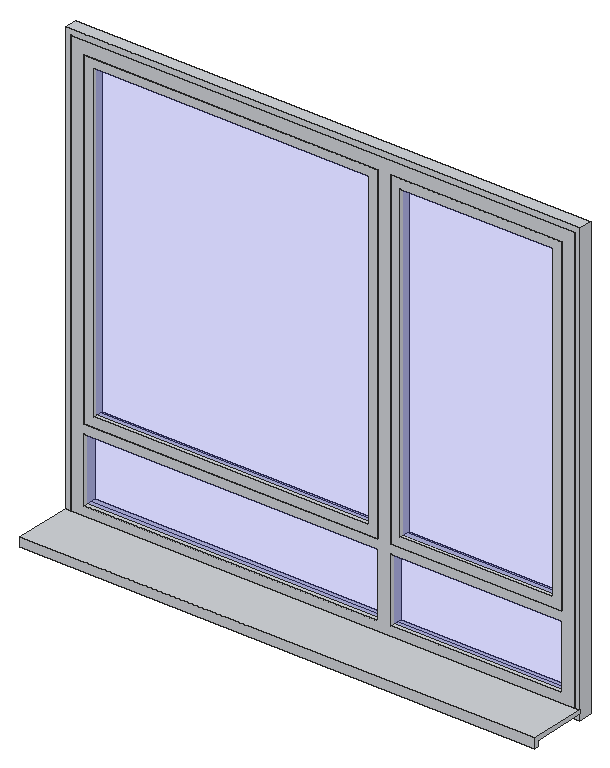
Revit family "AVLN_Окно_Фрамуга_2 створки", category Окна, Revit 2021
Family settings
  Основа = Стена
  Номер OmniClass = 23.30.20.00
  Заголовок OmniClass = Windows
  Всегда вертикально = Да
  При загрузке вырезать с полостями = Нет
  Общий = Нет
  Точка принадлежности помещению = Нет
Parameters (values of type "Для копирования!")
  Ширина рамы = 70 mm
  Ширина импоста = 50 mm
  Четверть слева/справа = 50 mm
  Четверть низ = 0 mm  # constant formula
  Четверть верх = 50 mm
  Створка_снизу_высота = 350 mm
  Створка_толщина = 25 mm  # constant formula
  Толщина основы [instance] = 200 mm
  Створка_справа_ширина = Width - ((Ширина рамы * 3) + (Монтажный зазор * 2) + Створка_слева_ширина)  # 930 mm
  Створка_слева_ширина = 1600 mm
  Створка_профиль = 50 mm
  Створка_высота = Height - (Створка_снизу_высота + (Ширина рамы * 2) + Ширина импоста + (Монтажный зазор * 2))  # 1800 mm
  Определить тепловые свойства по = Тип схем
  Model = ""
  Верх право открывание = АВЛН_Створка открывная : Створка откидная
  Верх лево открывание = АВЛН_Створка открывная : Створка откидная
  Rough Width = Width - Монтажный зазор * 2  # 2740 mm
  Rough Height = Height - Монтажный зазор * 2  # 2340 mm
  Подстановочный профиль_Ширина = 20 mm  # constant formula
  Подстановочный профиль_Толщина = 60 mm
  Подоконник_Толщина = 20 mm
  Подоконник_Длина = Width  # 2800 mm
  Подоконник_Глубина = 280 mm
  Подоконник = yes
  Низ право открывание = АВЛН_Створка открывная : Створка глухая
  Низ лево открывание = АВЛН_Створка открывная : Створка глухая
  Глубина вставки = 0 mm
  Отлив_Толщина = 1 mm  # constant formula
  Отлив_Длина = Width - [Четверть слева/справа] * 2  # 2700 mm
  Отлив_Глубина = 280 mm
  Отлив = no
  Откос_Н.Ширина = Width - 2 * [Четверть слева/справа]  # 2700 mm
  Откос_Н.Толщина.8 = 32 mm
  Откос_Н.Толщина.7 = 28 mm
  Откос_Н.Толщина.6 = 24 mm
  Откос_Н.Толщина.5 = 20 mm
  Откос_Н.Толщина.4 = 16 mm
  Откос_Н.Толщина.3 = 12 mm
  Откос_Н.Толщина.2 = 8 mm
  Откос_Н.Толщина.1 = 4 mm
  Откос_Н.Отступ_П = 0 mm  # constant formula
  Откос_Н.Отступ_Л = 0 mm  # constant formula
  Откос_Н.Количество слоев = 0
  Откос_Н.Глубина = 150 mm
  Откос_Н.Высота = Height - Четверть верх - Четверть низ  # 2350 mm
  Откос_В.Толщина.8 = 32 mm
  Откос_В.Толщина.7 = 28 mm
  Откос_В.Толщина.6 = 24 mm
  Откос_В.Толщина.5 = 20 mm
  Откос_В.Толщина.4 = 16 mm
  Откос_В.Толщина.3 = 12 mm
  Откос_В.Толщина.2 = 8 mm
  Откос_В.Толщина.1 = 4 mm
  Откос_В.Отступ_П [instance] = Монтажный зазор + Подоконник_Толщина  # 50 mm
  Откос_В.Отступ_Л [instance] = Монтажный зазор + Подоконник_Толщина  # 50 mm
  Откос_В.Количество слоев = 0
  Откос_В.Глубина [instance] = Толщина основы - Глубина вставки - Ширина рамы  # 130 mm
  Монтажный зазор = 30 mm
  М.Подоконник = none
  М.Отлив = none
  М.Откос_Н.8 = none
  М.Откос_Н.7 = none
  М.Откос_Н.6 = none
  М.Откос_Н.5 = none
  М.Откос_Н.4 = none
  М.Откос_Н.3 = none
  М.Откос_Н.2 = none
  М.Откос_Н.1 = ADSK_Полимеры_ Поливинилхлорид_(ПВХ) белый
  М.Откос_В.8 = none
  М.Откос_В.7 = none
  М.Откос_В.6 = none
  М.Откос_В.5 = none
  М.Откос_В.4 = none
  М.Откос_В.3 = none
  М.Откос_В.2 = none
  М.Откос_В.1 = ADSK_Полимеры_ Поливинилхлорид_(ПВХ) белый
  М.Монтажного зазора = none
  М.Стекла = Стекло
  М.Рамы = none
  М.Подоконный профиль = none
  Type Comments = ""
  Height = 2400 mm
  Высота подоконника по умолчанию = 800 mm
  Замыкание стены = По основе
  Width = 2800 mm
  Аналитическая конструкция = "<Нет>"
  АВЛН_Проем_Ширина [instance] = Width  # 2800 mm
  АВЛН_Проем_Высота [instance] = Height  # 2400 mm
  ADSK_Этаж [instance] = ""
  ADSK_Размер_Ширина = Width  # 2800 mm
  ADSK_Размер_Высота = Height  # 2400 mm
  ADSK_Примечание [instance] = ""
  ADSK_Площадь = Height * Width  # 6.72 m²
  ADSK_Обозначение = ""
  ADSK_Номер секции [instance] = ""
  ADSK_Наименование = ""
  ADSK_Марка = ""
  ADSK_Группирование = ""
  -----------Разрезка----------- = "-----------"  # constant formula
  -----------Профили----------- = "-----------"  # constant formula
  -----------Подоконник----------- = "-----------"  # constant formula
  -----------Отлив----------- = "-----------"  # constant formula
  -----------Откос----------- = "-----------"  # constant formula
  -----------Основные габариты----------- = "-----------"  # constant formula
  -----------Вставка----------- = "-----------"  # constant formula
Types (6, lengths in mm): name | Створка_справа_ширина | Створка_слева_ширина | Створка_высота | Model | Верх право открывание | Верх лево открывание | Rough Width | Rough Height | Подстановочный профиль_Толщина | Подоконник_Длина | Подоконник_Глубина | Подоконник | Отлив_Длина | Отлив_Глубина | Откос_Н.Ширина | Откос_Н.Высота | М.Отлив | М.Откос_Н.1 | М.Откос_В.1 | М.Стекла | М.Рамы | М.Подоконный профиль | Type Comments | Height | Width | АВЛН_Проем_Ширина | АВЛН_Проем_Высота | ADSK_Размер_Ширина | ADSK_Размер_Высота | ADSK_Площадь | ADSK_Обозначение | ADSK_Наименование | ADSK_Марка
  Для копирования! | 930 | 1600 | 1800 | "" | АВЛН_Створка открывная : Створка откидная | АВЛН_Створка открывная : Створка откидная | 2740 | 2340 | 60 | 2800 | 280 | yes | 2700 | 280 | 2700 | 2350 | none | ADSK_Полимеры_ Поливинилхлорид_(ПВХ) белый | ADSK_Полимеры_ Поливинилхлорид_(ПВХ) белый | Стекло | none | none | "" | 2400 | 2800 | 2800 | 2400 | 2800 | 2400 | 6.72 m² | "" | "" | ""
  2000х1800(h)_П_двух.створ. откр. | 700 | 1030 | 1200 | "" | АВЛН_Створка открывная : Створка повороно-откидная правая | АВЛН_Створка открывная : Створка поворотная левая | 1940 | 1740 | 50 | 2000 | 190 | no | 1900 | 200 | 1900 | 1750 | AVLN_Материал импоста_RAL 7024 | none | none | АВЛН_Остекление окон и дверей | AVLN_Материал импоста_RAL 7024 | AVLN_Материал импоста_RAL 7024 | "АР" | 1800 | 2000 | 2000 | 1800 | 2000 | 1800 | 3.60 m² | "ГОСТ 30674-99" | "БП Б1  1940-1740" | "ОК-6П"
  1600х1800(h)_Л | 895 | 435 | 1200 | "" | АВЛН_Створка открывная : Створка глухая | АВЛН_Створка открывная : Створка повороно-откидная левая | 1540 | 1740 | 50 | 1600 | 190 | no | 1500 | 200 | 1500 | 1750 | AVLN_Материал импоста_RAL 7024 | none | none | АВЛН_Остекление окон и дверей | AVLN_Материал импоста_RAL 7024 | AVLN_Материал импоста_RAL 7024 | "АР" | 1800 | 1600 | 1600 | 1800 | 1600 | 1800 | 2.88 m² | "ГОСТ 30674-99" | "" | "ОК-3"
  1600х1800(h) | 665 | 665 | 1200 | "Оконный блок" | АВЛН_Створка открывная : Створка глухая | АВЛН_Створка открывная : Створка повороно-откидная левая | 1540 | 1740 | 50 | 1600 | 190 | no | 1500 | 200 | 1500 | 1750 | AVLN_Материал импоста_RAL 7024 | none | none | AVLN_Остекление окон и дверей | AVLN_Материал импоста_RAL 7024 | AVLN_Материал импоста_RAL 7024 | "АР" | 1800 | 1600 | 1600 | 1800 | 1600 | 1800 | 2.88 m² | "ГОСТ 30674-99" | "" | "ОК-5"
  2000х1800(h)_П | 700 | 1030 | 1200 | "Оконный блок" | АВЛН_Створка открывная : Створка повороно-откидная правая | АВЛН_Створка открывная : Створка глухая | 1940 | 1740 | 50 | 2000 | 190 | no | 1900 | 200 | 1900 | 1750 | AVLN_Материал импоста_RAL 7024 | none | none | АВЛН_Остекление окон и дверей | AVLN_Материал импоста_RAL 7024 | AVLN_Материал импоста_RAL 7024 | "АР" | 1800 | 2000 | 2000 | 1800 | 2000 | 1800 | 3.60 m² | "ГОСТ 30674-99" | "БП Б1  1940-1740" | "ОК-4П"
  2000х1800(h)_Л | 1030 | 700 | 1200 | "Оконный блок" | АВЛН_Створка открывная : Створка глухая | АВЛН_Створка открывная : Створка повороно-откидная левая | 1940 | 1740 | 50 | 2000 | 190 | no | 1900 | 200 | 1900 | 1750 | AVLN_Материал импоста_RAL 7024 | none | none | АВЛН_Остекление окон и дверей | AVLN_Материал импоста_RAL 7024 | AVLN_Материал импоста_RAL 7024 | "АР" | 1800 | 2000 | 2000 | 1800 | 2000 | 1800 | 3.60 m² | "ГОСТ 30674-99" | "БП Б1  1940-1740" | "ОК-4Л"
Reference planes
  plane 1 "По центру (Вперед/Назад)": y = 0
  plane 2 "По центру (Влево/Вправо)": x = 0
  plane 3 "Слева": x = -1400
  plane 4 "Справа": x = 1400
  plane 5 "Подоконник": z = 800
  plane 6 "Заголовок": z = 3200
  plane 7 "Наружный": y = 100
  plane 8 "Внутренние": y = -100
  plane 9 "Окно": y = 100
  plane 10: x = 1370
  plane 11: z = 3170
  plane 12: x = -1370
  plane 13: z = 830
  plane 14: x = 1350
  plane 15: x = -1350
  plane 16: z = 2000
  plane 17: y = 600
  plane 18: y = -400
  plane 19: z = 3150
  plane 20 "Чет. низ": z = 800
  plane 21 "Внутряння грань": y = 30
  plane 22: y = 80
  plane 23 "Импост верх": z = 1300
  plane 24 "Импост низ": z = 1250
  plane 25: z = 900
  plane 26: z = 3100
  plane 27: x = -1300
  plane 28: x = 1300
  plane 29 "4": z = 1275
  plane 30 "5": x = 300
  plane 31 "6": x = 370
  plane 32 "9": x = 0
  plane 33 "10": x = 835
  plane 34 "11": x = -500
  plane 35 "12": z = 2200
  plane 36: z = 1075
Forms (mm)
  Extrusion 1, void
    sketch origin (0, 100, 0) x (1, 0, 0) y (0, 0, 1)
      loop
        line (1350, 3150) -> (-1350, 3150) -> (-1350, 800) -> (1350, 800) -> (1350, 3150)
    from -500 to 20
  Extrusion 2, void
    sketch origin (0, 100, 0) x (1, 0, 0) y (0, 0, 1)
      loop
        line (1400, 3200) -> (-1400, 3200) -> (-1400, 800) -> (1400, 800) -> (1400, 3200)
    from 0 to 500
  Extrusion 3, solid, material <- "М.Монтажного зазора", detail levels medium+fine
    sketch origin (0, 100, 0) x (1, 0, 0) y (0, 0, 1)
      loop
        line (1400, 3200) -> (-1400, 3200) -> (-1400, 800) -> (1400, 800) -> (1400, 3200)
      loop
        line (-1370, 3170) -> (-1370, 830) -> (1370, 830) -> (1370, 3170) -> (-1370, 3170)
    from 0 to 70
  Extrusion 4, solid, material <- "М.Рамы", detail levels medium+fine
    sketch origin (0, 100, 0) x (-1, 0, 0) y (0, 0, 1)
      loop
        line (-1370, 3170) -> (-1370, 830) -> (1370, 830) -> (1370, 3170) -> (-1370, 3170)
      loop
        line (-370, 900) -> (-370, 1250) -> (-1300, 1250) -> (-1300, 900) -> (-370, 900)
      loop
        line (-300, 3100) -> (-300, 1300) -> (1300, 1300) -> (1300, 3100) -> (-300, 3100)
      loop
        line (-300, 900) -> (1300, 900) -> (1300, 1250) -> (-300, 1250) -> (-300, 900)
      loop
        line (-370, 3100) -> (-1300, 3100) -> (-1300, 1300) -> (-370, 1300) -> (-370, 3100)
    from -70 to 0
Lines and regions (mm)
  reference lines
    curve 1: line (-1400, -100, 1275) -> (1400, -100, 1275)
    curve 2: line (335, -100, 3200) -> (335, -100, 800)
Text (mm)
  text "EXTERIOR" at (-1963.203, 1332.353, 0), in view "Опорный уровень"
  text "INTERIOR" at (-1981.466, -818.386, 0), in view "Опорный уровень"
  text "Наружный" at (0, 923.751, 2943.296), in view "Справа"
  text "Наружный" at (0, 1240.237, 2685.409), in view "Слева"
Dimensions and locks
  equal spacing: plane 3 "Слева", plane 2 "По центру (Влево/Вправо)", plane 4 "Справа"
  "Width": plane 3 "Слева" to plane 4 "Справа"
  "Height": plane 5 "Подоконник" to plane 6 "Заголовок"
  "Высота подоконника по умолчанию": plane 5 "Подоконник" to level
  locked: plane 7 "Наружный" to host wall
  locked: plane 8 "Внутренние" to host wall
  "Глубина вставки": plane 9 "Окно" to plane 7 "Наружный"
  "Монтажный зазор": plane 10 to plane 4 "Справа"
  "Монтажный зазор": plane 3 "Слева" to plane 12
  "Монтажный зазор": plane 11 to plane 6 "Заголовок"
  "Монтажный зазор": plane 5 "Подоконник" to plane 13
  "Четверть слева/справа": plane 14 to plane 4 "Справа"
  "Четверть слева/справа": plane 3 "Слева" to plane 15
  equal spacing: plane 5 "Подоконник", plane 16, plane 6 "Заголовок"
  locked: plane 7 "Наружный" to plane 17 at 500
  locked: plane 18 to plane 8 "Внутренние" at 300
  "Четверть верх": plane 19 to plane 6 "Заголовок"
  "Четверть низ": plane 5 "Подоконник" to plane 20 "Чет. низ"
  "Ширина рамы": plane 9 "Окно" to plane 21 "Внутряння грань"
  "Толщина основы": host wall to host wall
  locked: plane 22 to plane 21 "Внутряння грань" at 50
  "Ширина импоста": plane 24 "Импост низ" to plane 23 "Импост верх"
  "Ширина рамы": plane 28 to plane 10
  "Ширина рамы": plane 12 to plane 27
  "Ширина рамы": plane 13 to plane 25
  "Ширина рамы": plane 26 to plane 11
  plane 23 "Импост верх" to plane 26 = 1800 mm  (x2)
  "Створка_снизу_высота": plane 25 to plane 24 "Импост низ"
  equal spacing: plane 23 "Импост верх", plane 29 "4", plane 24 "Импост низ"
  "Створка_слева_ширина": plane 27 to plane 30 "5"
  "Ширина рамы": plane 30 "5" to plane 31 "6"
  equal spacing: plane 30 "5", curve 2, plane 31 "6"
  equal spacing: plane 31 "6", plane 33 "10", plane 28
  equal spacing: plane 27, plane 34 "11", plane 30 "5"
  equal spacing: plane 26, plane 35 "12", plane 23 "Импост верх"
  equal spacing: plane 24 "Импост низ", plane 36, plane 25
  plane 31 "6" to plane 28 = 930 mm
  plane 25 to plane 36 to plane 24 "Импост низ" = 175 mm, 175 mm
  aligned and locked: Extrusion 1 sketch curve to plane 14
  aligned and locked: Extrusion 1 sketch curve to plane 15
  aligned and locked: Extrusion 1 to plane 17
  aligned and locked: Extrusion 2 sketch curve to plane 6 "Заголовок"
  aligned and locked: Extrusion 2 sketch curve to plane 4 "Справа"
  aligned and locked: plane 5 "Подоконник" to Extrusion 2 sketch curve
  aligned and locked: plane 3 "Слева" to Extrusion 2 sketch curve
  aligned and locked: Extrusion 2 to plane 9 "Окно"
  aligned and locked: Extrusion 2 to plane 18
  aligned and locked: Extrusion 1 sketch curve to plane 19
  aligned and locked: plane 20 "Чет. низ" to Extrusion 1 sketch curve
  aligned and locked: plane 9 "Окно" to nested 1
  aligned and locked: plane 2 "По центру (Влево/Вправо)" to nested 1
  aligned and locked: nested 2 to plane 21 "Внутряння грань"
  aligned and locked: nested 2 to plane 2 "По центру (Влево/Вправо)"
  aligned and locked: nested 3 to plane 2 "По центру (Влево/Вправо)"
  aligned and locked: plane 8 "Внутренние" to nested 3
  aligned and locked: nested 4 to plane 9 "Окно"
  aligned and locked: Extrusion 3 sketch curve to plane 6 "Заголовок"
  aligned and locked: Extrusion 3 sketch curve to plane 4 "Справа"
  aligned and locked: Extrusion 3 sketch curve to nested 2  (x2)
  aligned and locked: Extrusion 3 sketch curve to plane 11
  aligned and locked: Extrusion 3 sketch curve to plane 12
  aligned and locked: Extrusion 3 sketch curve to plane 13
  aligned and locked: Extrusion 3 sketch curve to plane 10
  aligned and locked: Extrusion 3 to nested 2
  aligned and locked: plane 24 "Импост низ" to Extrusion 4 sketch curve
  aligned and locked: plane 23 "Импост верх" to Extrusion 4 sketch curve
  aligned and locked: Extrusion 4 sketch curve to Extrusion 4 sketch curve  (x2)
  aligned and locked: plane 27 to Extrusion 4 sketch curve
  aligned and locked: Extrusion 4 sketch curve to plane 12
  aligned and locked: Extrusion 4 sketch curve to plane 13
  aligned and locked: Extrusion 4 sketch curve to plane 26
  aligned and locked: Extrusion 4 sketch curve to plane 11
  aligned and locked: plane 20 "Чет. низ" to nested 4
  aligned and locked: nested 4 to plane 2 "По центру (Влево/Вправо)"
  aligned and locked: Extrusion 3 to plane 9 "Окно"
  aligned and locked: Extrusion 4 to plane 21 "Внутряння грань"
  aligned and locked: Extrusion 4 to plane 9 "Окно"
  aligned and locked: Extrusion 1 to plane 22
  aligned and locked: curve 1 to plane 29 "4"
  aligned and locked: plane 3 "Слева" to curve 1
  aligned and locked: plane 4 "Справа" to curve 1
  aligned and locked: Extrusion 4 sketch curve to plane 30 "5"
  aligned and locked: Extrusion 4 sketch curve to plane 10
  aligned and locked: plane 26 to Extrusion 4 sketch curve
  aligned and locked: Extrusion 4 sketch curve to plane 25
  aligned and locked: Extrusion 4 sketch curve to plane 28
  aligned and locked: Extrusion 4 sketch curve to plane 24 "Импост низ"
  aligned and locked: Extrusion 4 sketch curve to plane 23 "Импост верх"
  aligned and locked: Extrusion 4 sketch curve to plane 31 "6"  (x2)
  aligned and locked: plane 6 "Заголовок" to curve 2
  aligned and locked: plane 5 "Подоконник" to curve 2
  aligned and locked: Extrusion 4 to plane 31 "6"
  aligned and locked: plane 30 "5" to Extrusion 4
  aligned and locked: plane 28 to Extrusion 4
  aligned and locked: Extrusion 4 to plane 27
  aligned and locked: plane 32 "9" to nested 5
  aligned and locked: nested 5 to plane 16
  aligned and locked: plane 33 "10" to nested 6
  aligned and locked: nested 6 to plane 35 "12"
  aligned and locked: plane 34 "11" to nested 7
  aligned and locked: nested 7 to plane 35 "12"
  aligned and locked: plane 33 "10" to nested 8
  aligned and locked: nested 8 to plane 36
  aligned and locked: nested 9 to plane 36
  aligned and locked: plane 34 "11" to nested 9
Automatic sketch dimensions
  plane 28 to Extrusion 4 sketch curve = 0 mm
  Extrusion 4 sketch curve to plane 25 = 0 mm
Nested families
  nested 1: "Отлив" at (0, 100, 800) x (-1, 0, 0) z (0, 0, 1), Глубина отлива <- "Отлив_Глубина", Длина отлива <- "Отлив_Длина", ТО <- "Отлив_Толщина", Ш_МЗЗ <- "Монтажный зазор", Ш_ПП <- "Подстановочный профиль_Ширина", ADSK_Группирование <- "ADSK_Группирование", ADSK_Номер секции <- "ADSK_Номер секции", ADSK_Этаж <- "ADSK_Этаж", visible <- "Отлив", М <- "М.Отлив", type "Отлив", detail levels fine
    with Ш_ПП 20 mm, Ш_МЗЗ 30 mm, ТО 1 mm, М none, Длина отлива 2700 mm, Глубина отлива 280 mm, ADSK_Этаж "", ADSK_Примечание "", ADSK_Обозначение "", ADSK_Номер секции "", ADSK_Наименование "", ADSK_Марка "", ADSK_Группирование ""
  nested 2: "Подоконник" at (0, 30, 800), Глубина подоконника <- "Подоконник_Глубина", Длина отлива <- "Подоконник_Длина", ТП <- "Подоконник_Толщина", Ш_МЗЗ <- "Монтажный зазор", Ш_ПП <- "Подстановочный профиль_Ширина", ADSK_Группирование <- "ADSK_Группирование", ADSK_Номер секции <- "ADSK_Номер секции", ADSK_Этаж <- "ADSK_Этаж", visible <- "Подоконник", М <- "М.Подоконник", type "Подоконник", detail levels fine
    with Ш_ПП 20 mm, Ш_МЗЗ 30 mm, ТП 20 mm, М none, Длина отлива 2800 mm, Глубина подоконника 280 mm, ADSK_Этаж "", ADSK_Примечание "", ADSK_Обозначение "", ADSK_Номер секции "", ADSK_Наименование "", ADSK_Марка "", ADSK_Группирование ""
  nested 3: "AVLN_Откосы_R19" at (0, -100, 0), Глубина <- "Откос_В.Глубина", Высота от уровня <- "Высота подоконника по умолчанию", ADSK_Группирование <- "Type Comments", ADSK_Этаж <- "ADSK_Этаж", ADSK_Номер секции <- "ADSK_Номер секции", Материал_1 <- "М.Откос_В.1", Материал_2 <- "М.Откос_В.2", Материал_3 <- "М.Откос_В.3", Материал_4 <- "М.Откос_В.4", Материал_5 <- "М.Откос_В.5", Материал_6 <- "М.Откос_В.6", Материал_7 <- "М.Откос_В.7", Материал_8 <- "М.Откос_В.8", Толщина_1 <- "Откос_В.Толщина.1", Толщина_2 <- "Откос_В.Толщина.2", Толщина_3 <- "Откос_В.Толщина.3", Толщина_4 <- "Откос_В.Толщина.4", Толщина_5 <- "Откос_В.Толщина.5", Толщина_6 <- "Откос_В.Толщина.6", Толщина_7 <- "Откос_В.Толщина.7", Толщина_8 <- "Откос_В.Толщина.8", Количество слоев <- "Откос_В.Количество слоев", Отступ_Л <- "Откос_В.Отступ_Л", Отступ_П <- "Откос_В.Отступ_П", Высота <- "Height", Ширина <- "Width", type "AVLN_Откосы_R19"
    with Ширина_8 2576 mm, Ширина_7 2632 mm, Ширина_6 2680 mm, Ширина_5 2720 mm, Ширина_4 2752 mm, Ширина_3 2776 mm, Ширина_2 2792 mm, Ширина 2800 mm, Толщина_8 32 mm, Толщина_7 28 mm, Толщина_6 24 mm, Толщина_5 20 mm, Толщина_4 16 mm, Толщина_3 12 mm, Толщина_2 8 mm, Толщина_1 4 mm, Отступ_П 50 mm, Отступ_Л 50 mm, Материал_8 none, Материал_7 none, Материал_6 none, Материал_5 none, Материал_4 none, Материал_3 none, Материал_2 none, Материал_1 ADSK_Полимеры_ Поливинилхлорид_(ПВХ) белый, Количество слоев 0, Глубина 130 mm, Высота_8 2288 mm, Высота_7 2316 mm, Высота_6 2340 mm, Высота_5 2360 mm, Высота_4 2376 mm, Высота_3 2388 mm, Высота_2 2396 mm, Высота от уровня 800 mm, Высота 2400 mm, Видимость_8 no, Видимость_7 no, Видимость_6 no, Видимость_5 no, Видимость_4 no, Видимость_3 no, Видимость_2 no, Видимость_1 no, ADSK_Этаж "", ADSK_Номер секции "", ADSK_Группирование ""
  nested 4: "AVLN_Откосы_R19" at (0, 100, 0), Ширина <- "Откос_Н.Ширина", Глубина <- "Откос_Н.Глубина", Высота <- "Откос_Н.Высота", Высота от уровня <- "Высота подоконника по умолчанию", ADSK_Группирование <- "Type Comments", ADSK_Этаж <- "ADSK_Этаж", ADSK_Номер секции <- "ADSK_Номер секции", Материал_1 <- "М.Откос_Н.1", Материал_2 <- "М.Откос_Н.2", Материал_3 <- "М.Откос_Н.3", Материал_4 <- "М.Откос_Н.4", Материал_5 <- "М.Откос_Н.5", Материал_6 <- "М.Откос_Н.6", Материал_7 <- "М.Откос_Н.7", Материал_8 <- "М.Откос_Н.8", Толщина_1 <- "Откос_Н.Толщина.1", Толщина_2 <- "Откос_Н.Толщина.2", Толщина_3 <- "Откос_Н.Толщина.3", Толщина_4 <- "Откос_Н.Толщина.4", Толщина_5 <- "Откос_Н.Толщина.5", Толщина_6 <- "Откос_Н.Толщина.6", Толщина_7 <- "Откос_Н.Толщина.7", Толщина_8 <- "Откос_Н.Толщина.8", Количество слоев <- "Откос_Н.Количество слоев", Отступ_Л <- "Откос_Н.Отступ_Л", Отступ_П <- "Откос_Н.Отступ_П", type "AVLN_Откосы_R19"
    with Ширина_8 2476 mm, Ширина_7 2532 mm, Ширина_6 2580 mm, Ширина_5 2620 mm, Ширина_4 2652 mm, Ширина_3 2676 mm, Ширина_2 2692 mm, Ширина 2700 mm, Толщина_8 32 mm, Толщина_7 28 mm, Толщина_6 24 mm, Толщина_5 20 mm, Толщина_4 16 mm, Толщина_3 12 mm, Толщина_2 8 mm, Толщина_1 4 mm, Отступ_П 0 mm, Отступ_Л 0 mm, Материал_8 none, Материал_7 none, Материал_6 none, Материал_5 none, Материал_4 none, Материал_3 none, Материал_2 none, Материал_1 ADSK_Полимеры_ Поливинилхлорид_(ПВХ) белый, Количество слоев 0, Глубина 150 mm, Высота_8 2238 mm, Высота_7 2266 mm, Высота_6 2290 mm, Высота_5 2310 mm, Высота_4 2326 mm, Высота_3 2338 mm, Высота_2 2346 mm, Высота от уровня 800 mm, Высота 2350 mm, Видимость_8 no, Видимость_7 no, Видимость_6 no, Видимость_5 no, Видимость_4 no, Видимость_3 no, Видимость_2 no, Видимость_1 no, ADSK_Этаж "", ADSK_Номер секции "", ADSK_Группирование ""
  nested 5: "AVLN_Обозначение проема" at (0, 100, 2000) x (0, 0, -1) z (0, -1, 0), ADSK_Размер_Высота <- "АВЛН_Проем_Ширина", ADSK_Размер_Ширина <- "АВЛН_Проем_Высота", type "AVLN_Обозначение проема", detail levels coarse
    with ADSK_Размер_Ширина 2400 mm, ADSK_Размер_Высота 2800 mm
  nested 6: "АВЛН_Створка открывная" at (835, 30, 2200) x (-1, 0, 0) z (0, 1, 0), type <- "Верх право открывание", Створка высота <- "Створка_высота", Створка ширина <- "Створка_справа_ширина", Ширина рамы <- "Створка_профиль", Материал_Ручки <- "М.Рамы", Материал_Рама <- "М.Рамы", Материал_Стеклопакет <- "М.Стекла", type "Створка откидная", detail levels medium+fine
    with Ширина рамы 50 mm, Створка ширина 930 mm, Створка высота 1800 mm, Материал_Стеклопакет Стекло, Материал_Ручки none, Материал_Рама none
  nested 7: "АВЛН_Створка открывная" at (-500, 30, 2200) x (-1, 0, 0) z (0, 1, 0), type <- "Верх лево открывание", Створка высота <- "Створка_высота", Створка ширина <- "Створка_слева_ширина", Ширина рамы <- "Створка_профиль", Материал_Ручки <- "М.Рамы", Материал_Рама <- "М.Рамы", Материал_Стеклопакет <- "М.Стекла", type "Створка откидная", detail levels medium+fine
    with Ширина рамы 50 mm, Створка ширина 1600 mm, Створка высота 1800 mm, Материал_Стеклопакет Стекло, Материал_Ручки none, Материал_Рама none
  nested 8: "АВЛН_Створка открывная" at (835, 30, 1075) x (-1, 0, 0) z (0, 1, 0), type <- "Низ право открывание", Створка высота <- "Створка_снизу_высота", Створка ширина <- "Створка_справа_ширина", Ширина рамы <- "Створка_профиль", Материал_Ручки <- "М.Рамы", Материал_Рама <- "М.Рамы", Материал_Стеклопакет <- "М.Стекла", type "Створка глухая", detail levels medium+fine
    with Ширина рамы 50 mm, Створка ширина 930 mm, Створка высота 350 mm, Материал_Стеклопакет Стекло, Материал_Ручки none, Материал_Рама none
  nested 9: "АВЛН_Створка открывная" at (-500, 30, 1075) x (-1, 0, 0) z (0, 1, 0), Створка высота <- "Створка_снизу_высота", Створка ширина <- "Створка_слева_ширина", Ширина рамы <- "Створка_профиль", type <- "Низ лево открывание", Материал_Ручки <- "М.Рамы", Материал_Рама <- "М.Рамы", Материал_Стеклопакет <- "М.Стекла", type "Створка глухая", detail levels medium+fine
    with Ширина рамы 50 mm, Створка ширина 1600 mm, Створка высота 350 mm, Материал_Стеклопакет Стекло, Материал_Ручки none, Материал_Рама none
Definition of nested family "Отлив"
  Parameters (values of type "Отлив")
    Ш_ПП [instance] = 50 mm
    Ш_МЗЗ [instance] = 35 mm
    ТО [instance] = 1 mm
    Default Elevation = 1219.2 mm
    М [instance] = none
    Длина отлива [instance] = 1560 mm
    Глубина отлива [instance] = 280 mm
    ADSK_Этаж [instance] = ""
    ADSK_Примечание [instance] = ""
    ADSK_Обозначение [instance] = ""
    ADSK_Номер секции [instance] = ""
    ADSK_Наименование [instance] = ""
    ADSK_Марка [instance] = ""
    ADSK_Группирование [instance] = ""
  Reference planes
    plane 1 "По центру (Вперед/Назад)": y = 0
    plane 2: z = 0
    plane 3 "По центру (Влево/Вправо)": x = 0
    plane 4: y = -280
    plane 5: x = -780
    plane 6: x = 780
    plane 7: z = 35
    plane 8: z = 85
    plane 9: y = -1
    plane 10: y = -300
    plane 11: y = -301
    plane 12: z = -35
    plane 13: z = 34
  Forms (mm)
    Extrusion 1, solid, material <- "М"
      sketch origin (0, 0, 0) x (0, 1, 0) y (0, 0, 1)
        loop
          line (0, 85) -> (-1, 85) -> (-1, 34.893) -> (-301, 0.893) -> (-301, -35) -> (-300, -35) -> (-300, 0) -> (0, 34) -> (0, 85)
      from -780 to 780
  Dimensions and locks
    equal spacing: plane 5, plane 3 "По центру (Влево/Вправо)", plane 6
    "Длина отлива": plane 5 to plane 6
    "Глубина отлива": plane 4 to plane 1 "По центру (Вперед/Назад)"
    "Ш_МЗЗ": plane 7 to level
    "Ш_ПП": plane 8 to plane 7
    "ТО": plane 1 "По центру (Вперед/Назад)" to plane 9
    "ТО": plane 10 to plane 11
    locked: level to plane 12 at 35
    "ТО": plane 7 to plane 13
    "ТО": Extrusion 1 sketch curve to Extrusion 1 sketch curve
    locked: plane 4 to plane 10 at 20
    aligned and locked: level to plane 2
    aligned and locked: plane 8 to Extrusion 1 sketch curve
    aligned and locked: plane 9 to Extrusion 1 sketch curve
    aligned and locked: plane 11 to Extrusion 1 sketch curve
    aligned and locked: plane 12 to Extrusion 1 sketch curve
    aligned and locked: plane 1 "По центру (Вперед/Назад)" to Extrusion 1 sketch curve  (x2)
    aligned and locked: plane 13 to Extrusion 1 sketch curve
    aligned and locked: level to Extrusion 1 sketch curve
    aligned and locked: plane 10 to Extrusion 1 sketch curve
    aligned and locked: plane 6 to Extrusion 1
    aligned and locked: Extrusion 1 to plane 5
Definition of nested family "Подоконник"
  Parameters (values of type "Подоконник")
    Ш_ПП [instance] = 50 mm
    Ш_МЗЗ [instance] = 35 mm
    ТП [instance] = 20 mm
    Default Elevation = 1219.2 mm
    М [instance] = none
    Длина отлива [instance] = 1560 mm
    Глубина подоконника [instance] = 280 mm
    ADSK_Этаж [instance] = ""
    ADSK_Примечание [instance] = ""
    ADSK_Обозначение [instance] = ""
    ADSK_Номер секции [instance] = ""
    ADSK_Наименование [instance] = ""
    ADSK_Марка [instance] = ""
    ADSK_Группирование [instance] = ""
  Reference planes
    plane 1 "По центру (Вперед/Назад)": y = 0
    plane 2: z = 0
    plane 3 "По центру (Влево/Вправо)": x = 0
    plane 4: y = -280
    plane 5: x = -780
    plane 6: x = 780
    plane 7: z = 35
    plane 8: z = 85
    plane 9: y = -20
    plane 10: y = -290
    plane 11: y = -310
    plane 12: z = -35
    plane 13: z = 15
    plane 14: z = 65
  Forms (mm)
    Extrusion 1, solid, material <- "М"
      sketch origin (0, 0, 0) x (0, 1, 0) y (0, 0, 1)
        loop
          line (0, 85) -> (-310, 85) -> (-310, 0) -> (-290, 0) -> (-290, 65) -> (0, 65) -> (0, 85)
      from -780 to 780
  Dimensions and locks
    equal spacing: plane 5, plane 3 "По центру (Влево/Вправо)", plane 6
    "Длина отлива": plane 5 to plane 6
    "Глубина подоконника": plane 4 to plane 1 "По центру (Вперед/Назад)"
    "Ш_МЗЗ": plane 7 to level
    "Ш_ПП": plane 8 to plane 7
    "ТП": plane 1 "По центру (Вперед/Назад)" to plane 9
    "ТП": plane 10 to plane 11
    locked: level to plane 12 at 35
    "ТП": plane 7 to plane 13
    locked: plane 4 to plane 10 at 10
    "ТП": plane 8 to plane 14
    aligned and locked: level to plane 2
    aligned and locked: plane 8 to Extrusion 1 sketch curve
    aligned and locked: plane 1 "По центру (Вперед/Назад)" to Extrusion 1 sketch curve
    aligned and locked: plane 10 to Extrusion 1 sketch curve
    aligned and locked: plane 11 to Extrusion 1 sketch curve
    aligned and locked: level to Extrusion 1 sketch curve
    aligned and locked: plane 14 to Extrusion 1 sketch curve
    aligned and locked: Extrusion 1 to plane 5
    aligned and locked: plane 6 to Extrusion 1
Definition of nested family "АВЛН_Створка открывная"
  Parameters (values of type "Створка повороно-откидная правая")
    Ширина рамы [instance] = 50 mm
    Width = 1600 mm
    Створка ширина [instance] = 800 mm
    Створка высота [instance] = 700 mm
    Define Thermal Properties by = 1
    Материал_Стеклопакет [instance] = none
    Поворотная Правая = yes
    Поворотная Левая = no
    Default Elevation = 1219.2 mm
    Открываная = yes
    Откидная = yes
    Материал_Ручки [instance] = none
    Материал_Рама [instance] = none
    Левая = yes
    Глухое = no
    Height = 1800 mm
    Analytic Construction = "<Нет>"
  Types (6, lengths in mm): name | Поворотная Правая | Поворотная Левая | Открываная | Откидная | Глухое
    Створка повороно-откидная правая | yes | no | yes | yes | no
    Створка повороно-откидная левая | no | yes | yes | yes | no
    Створка глухая | no | no | no | no | yes
    Створка откидная | no | no | yes | yes | no
    Створка поворотная правая | yes | no | yes | no | no
    Створка поворотная левая | no | yes | yes | no | no
  Reference planes
    plane 1 "По центру (Вперед/Назад)": y = 0
    plane 2 "Внутрення грань": z = 0
    plane 3 "По центру (Влево/Вправо)": x = 0
    plane 4: y = 350
    plane 5: x = 400
    plane 6: y = -350
    plane 7: x = -400
    plane 8 "Наружняя грань": z = 60.433
    plane 9 "По центру Л/Р": z = 30.216
  Forms (mm)
    Extrusion 1, solid
      sketch origin (0, 0, 0) x (1, 0, 0) y (0, 1, 0)
        loop
          line (-1219.2, 1219.2) -> (-1219.2, -1219.2) -> (1219.2, -1219.2) -> (1219.2, 1219.2) -> (-1219.2, 1219.2)
      from 0 to -304.8
    Sweep 2, solid, material <- "Материал_Рама", visible <- "Открываная"
      path origin (0, 0, 0) x (1, 0, 0) y (0, 1, 0)
        loop
          line (400, 350) -> (-400, 350) -> (-400, -350) -> (400, -350) -> (400, 350)
      profile origin (0, 350, 0) x (0, -1, 0) y (0, 0, 1)
        loop
          line (0, 0) -> (50, 0) -> (50, 60.433) -> (0, 60.433) -> (0, 0)
    Extrusion 3, solid, material <- "Материал_Стеклопакет", visible <- "Открываная"
      sketch origin (0, 0, 0) x (1, 0, 0) y (0, 1, 0)
        loop
          line (-350, 300) -> (-350, -300) -> (350, -300) -> (350, 300) -> (-350, 300)
      from 17.481 to 42.952
    Extrusion 4, solid, material <- "Материал_Стеклопакет", visible <- "Глухое"
      sketch origin (0, 0, 0) x (1, 0, 0) y (0, 1, 0)
        loop
          line (-400, 350) -> (-400, -350) -> (400, -350) -> (400, 350) -> (-400, 350)
      from 17.481 to 42.952
  Lines and regions (mm)
    model lines, visible <- "Глухое", detail levels medium+fine
      curve 1: line (0, 50, 60.433) -> (0, -50, 60.433)
      curve 2: line (50, 0, 60.433) -> (-50, 0, 60.433)
      curve 17: line (0, 50, 0) -> (0, -50, 0)
      curve 18: line (50, 0, 0) -> (-50, 0, 0)
    model lines, visible <- "Глухое", not visible, detail levels medium+fine
      curve 3: line (60, 38.001, 60.433) -> (60, -61.999, 60.433)
      curve 4: line (110, -11.999, 60.433) -> (10, -11.999, 60.433)
    model lines, visible <- "Поворотная Левая", detail levels medium+fine
      curve 5: line (400, 350, 0) -> (-400, 0, 0)
      curve 6: line (400, -350, 0) -> (-400, 0, 0)
      curve 13: line (400, 350, 60.433) -> (-400, 0, 60.433)
      curve 14: line (400, -350, 60.433) -> (-400, 0, 60.433)
    model lines, visible <- "Откидная", detail levels medium+fine
      curve 7: line (-400, -350, 0) -> (0, 350, 0)
      curve 8: line (0, 350, 0) -> (400, -350, 0)
      curve 15: line (-400, -350, 60.433) -> (0, 350, 60.433)
      curve 16: line (0, 350, 60.433) -> (400, -350, 60.433)
    model lines, visible <- "Поворотная Правая", detail levels medium+fine
      curve 9: line (-400, 350, 0) -> (400, 0, 0)
      curve 10: line (-400, -350, 0) -> (400, 0, 0)
      curve 11: line (-400, 350, 60.433) -> (400, 0, 60.433)
      curve 12: line (-400, -350, 60.433) -> (400, 0, 60.433)
  Dimensions and locks
    "Створка высота": plane 4 to plane 6
    "Створка ширина": plane 7 to plane 5
    equal spacing: plane 7, plane 3 "По центру (Влево/Вправо)", plane 5
    equal spacing: plane 6, plane 1 "По центру (Вперед/Назад)", plane 4
    plane 2 "Внутрення грань" to plane 8 "Наружняя грань" = 60.433 mm
    level to Extrusion 4 = 42.952 mm
    plane 8 "Наружняя грань" to level = 60.433 mm
    equal spacing: Extrusion 3, plane 9 "По центру Л/Р", Extrusion 3
    equal spacing: plane 8 "Наружняя грань", plane 9 "По центру Л/Р", level
    Extrusion 3 to Extrusion 3 = 25.471 mm
    "Ширина рамы": profile plane to Sweep 2 sketch curve
    equal spacing: Extrusion 4, plane 9 "По центру Л/Р", Extrusion 4, locked at 12.735 each
    locked: Extrusion 4 to Extrusion 4 at 25.471
    equal spacing: Sweep 2, nested 1, Sweep 2
    equal spacing: Sweep 2, nested 2, Sweep 2
    aligned and locked: plane 2 "Внутрення грань" to Extrusion 1
    aligned and locked: level to Extrusion 1
    aligned and locked: plane 4 to Sweep 2 sketch curve
    aligned and locked: plane 5 to Sweep 2 sketch curve
    aligned and locked: plane 6 to Sweep 2 sketch curve
    aligned and locked: Sweep 2 sketch curve to plane 7
    aligned and locked: Extrusion 3 sketch curve to Sweep 2  (x4)
    aligned and locked: Extrusion 4 sketch curve to Sweep 2  (x3)
    aligned and locked: Extrusion 4 sketch curve to plane 5
    aligned and locked: Sweep 2 sketch curve to plane 8 "Наружняя грань"
    aligned and locked: plane 6 to Extrusion 4
    aligned and locked: plane 4 to Extrusion 4
    aligned and locked: curve 2 to plane 1 "По центру (Вперед/Назад)"
    aligned and locked: curve 1 to plane 3 "По центру (Влево/Вправо)"
    aligned and locked: curve 18 to plane 1 "По центру (Вперед/Назад)"
    aligned and locked: curve 17 to plane 3 "По центру (Влево/Вправо)"
    aligned and locked: nested 2 to plane 1 "По центру (Вперед/Назад)"
    aligned and locked: nested 1 to plane 1 "По центру (Вперед/Назад)"
  Automatic sketch dimensions
    Extrusion 1 sketch curve to Extrusion 1 sketch curve = 2438.4 mm  (x2)
    plane 1 "По центру (Вперед/Назад)" to curve 5 = 0 mm
    curve 5 to plane 7 = 0 mm
    curve 9 to plane 4 = 0 mm
    curve 9 to plane 7 = 0 mm
    plane 6 to curve 7 = 0 mm
    curve 7 to plane 7 = 0 mm
    curve 7 to plane 3 "По центру (Влево/Вправо)" = 0 mm
    curve 6 to plane 5 = 0 mm
    plane 1 "По центру (Вперед/Назад)" to curve 9 = 0 mm
    curve 9 to plane 5 = 0 mm
    curve 5 to plane 4 = 0 mm
    curve 5 to plane 5 = 0 mm
    plane 6 to curve 8 = 0 mm
    curve 8 to plane 4 = 0 mm
    curve 11 to plane 4 = 0 mm
    curve 11 to plane 7 = 0 mm
    plane 6 to curve 15 = 0 mm
    curve 15 to plane 7 = 0 mm
    plane 1 "По центру (Вперед/Назад)" to curve 14 = 0 mm
    curve 14 to plane 7 = 0 mm
    curve 15 to plane 3 "По центру (Влево/Вправо)" = 0 mm
    plane 1 "По центру (Вперед/Назад)" to curve 11 = 0 mm
    curve 11 to plane 5 = 0 mm
    curve 14 to plane 5 = 0 mm
    curve 13 to plane 4 = 0 mm
    curve 13 to plane 5 = 0 mm
    plane 6 to curve 14 = 0 mm
    curve 15 to plane 4 = 0 mm
    plane 1 "По центру (Вперед/Назад)" to curve 2 = 0 mm
    curve 1 to plane 3 "По центру (Влево/Вправо)" = 0 mm
    curve 2 to plane 3 "По центру (Влево/Вправо)" = 50 mm
    plane 3 "По центру (Влево/Вправо)" to curve 2 = 50 mm
    plane 1 "По центру (Вперед/Назад)" to curve 1 = 50 mm
    curve 1 to plane 1 "По центру (Вперед/Назад)" = 50 mm
    curve 18 to curve 17 = 50 mm
    curve 17 to curve 18 = 50 mm
    plane 1 "По центру (Вперед/Назад)" to curve 17 = 50 mm
    curve 17 to plane 1 "По центру (Вперед/Назад)" = 50 mm
    Sweep 2 sketch curve to level = 0 mm
    Sweep 2 sketch curve to profile plane = 0 mm
  Nested families
    nested 1: "АВЛН_Ручка" at (375, 1040, 0) x (1, 0, 0) z (0, -1, 0), visible <- "Поворотная Правая", Материал дверной ручки <- "Материал_Рама", type "АВЛН_Ручка", detail levels fine
      with Материал дверной ручки none, Высота расположения дверной ручки 1040 mm
    nested 2: "АВЛН_Ручка" at (-375, 1040, 0) x (1, 0, 0) z (0, -1, 0), visible <- "Поворотная Левая", Материал дверной ручки <- "Материал_Рама", type "АВЛН_Ручка", detail levels fine
      with Материал дверной ручки none, Высота расположения дверной ручки 1040 mm
  Definition of nested family "АВЛН_Ручка"
    Parameters (values of type "АВЛН_Ручка")
      Default Elevation = 1219.2 mm
      Материал дверной ручки [instance] = none
      Высота расположения дверной ручки [instance] = 1040 mm
      Analytic Construction = "<Нет>"
      b = 25 mm
      a = 75 mm
    Reference planes
      plane 1 "По центру (Вперед/Назад)": y = 0
      plane 2: z = 0
      plane 3 "По центру (Влево/Вправо)": x = 0
      plane 4: z = 1040
      plane 5: x = 12.5
      plane 6: x = -12.5
      plane 7: z = 1002.5
      plane 8: z = 1077.5
      plane 9: y = -15
    Forms (mm)
      Extrusion 1, solid, material <- "Материал дверной ручки"
        sketch origin (0, 0, 2080) x (-1, 0, 0) y (0, 0, -1)
          loop
            arc (-2.5, 1077.5) -> (-9.571, 1074.571) -> (-12.5, 1067.5) r 10
            line (-12.5, 1067.5) -> (-12.5, 1012.5)
            arc (-12.5, 1012.5) -> (-9.571, 1005.429) -> (-2.5, 1002.5) r 10
            line (-2.5, 1002.5) -> (2.5, 1002.5)
            arc (2.5, 1002.5) -> (9.571, 1005.429) -> (12.5, 1012.5) r 10
            line (12.5, 1012.5) -> (12.5, 1067.5)
            arc (12.5, 1067.5) -> (9.571, 1074.571) -> (2.5, 1077.5) r 10
            line (2.5, 1077.5) -> (-2.5, 1077.5)
        from 0 to 15
      Sweep 2, solid, material <- "Материал дверной ручки"
        path origin (-1040, 0, 1040) x (0, 0, -1) y (0, 1, 0)
          loop
            line (0, -15) -> (0, -38.261)
            arc (0, -38.261) -> (-2.929, -45.332) -> (-10, -48.261) r 10
            line (-10, -48.261) -> (-130, -48.261)
        profile origin (-1040, -26.63, 1040) x (0, 0, -1) y (1, 0, 0)
          loop
            circle (0, 1040) r 8
    Dimensions and locks
      "Высота расположения дверной ручки": plane 4 to level
      "a": plane 7 to plane 8
      "b": plane 6 to plane 5
      plane 6 to plane 5 = 25 mm
      locked: plane 1 "По центру (Вперед/Назад)" to plane 9 at 15
      plane 7 to plane 8 = 75 mm
      aligned and locked: level to plane 2
      aligned and locked: Extrusion 1 sketch curve to plane 7
      aligned and locked: plane 5 to Extrusion 1 sketch curve
      aligned and locked: plane 8 to Extrusion 1 sketch curve
      aligned and locked: Extrusion 1 sketch curve to plane 6
      aligned and locked: Extrusion 1 to plane 1 "По центру (Вперед/Назад)"
    Automatic sketch dimensions
      Sweep 2 sketch curve to plane 9 = 0 mm
      plane 4 to Sweep 2 sketch curve = 10 mm
      plane 9 to Sweep 2 sketch curve = 23.261 mm
      Sweep 2 sketch curve to Sweep 2 sketch curve = 120 mm
      Sweep 2 sketch curve to profile plane = 0 mm
      profile plane to Sweep 2 sketch curve = 1040 mm
      Sweep 2 sketch curve to plane 4 = 0 mm
      plane 3 "По центру (Влево/Вправо)" to Extrusion 1 sketch curve = 2.5 mm  (x2)
      Extrusion 1 sketch curve to plane 3 "По центру (Влево/Вправо)" = 2.5 mm  (x2)
      radius of Sweep 2 sketch curve = 8 mm
Definition of nested family "AVLN_Откосы_R19"
  Parameters (values of type "AVLN_Откосы_R19")
    Ширина_8 [instance] = Ширина_7 - Толщина_7 * 2  # 776 mm
    Ширина_7 [instance] = Ширина_6 - Толщина_6 * 2  # 832 mm
    Ширина_6 [instance] = Ширина_5 - Толщина_5 * 2  # 880 mm
    Ширина_5 [instance] = Ширина_4 - Толщина_4 * 2  # 920 mm
    Ширина_4 [instance] = Ширина_3 - Толщина_3 * 2  # 952 mm
    Ширина_3 [instance] = Ширина_2 - Толщина_2 * 2  # 976 mm
    Ширина_2 [instance] = Ширина - Толщина_1 * 2  # 992 mm
    Ширина [instance] = 1000 mm
    Толщина_8 [instance] = 32 mm
    Толщина_7 [instance] = 28 mm
    Толщина_6 [instance] = 24 mm
    Толщина_5 [instance] = 20 mm
    Толщина_4 [instance] = 16 mm
    Толщина_3 [instance] = 12 mm
    Толщина_2 [instance] = 8 mm
    Толщина_1 [instance] = 4 mm
    Отступ_П [instance] = 0 mm
    Отступ_Л [instance] = 0 mm
    Default Elevation = 1219.2 mm
    Материал_8 [instance] = none
    Материал_7 [instance] = none
    Материал_6 [instance] = none
    Материал_5 [instance] = none
    Материал_4 [instance] = none
    Материал_3 [instance] = none
    Материал_2 [instance] = none
    Материал_1 [instance] = none
    Type Comments = ""
    Количество слоев [instance] = 8
    Глубина [instance] = 200 mm
    Высота_8 [instance] = Высота_7 - Толщина_7  # 1388 mm
    Высота_7 [instance] = Высота_6 - Толщина_6  # 1416 mm
    Высота_6 [instance] = Высота_5 - Толщина_5  # 1440 mm
    Высота_5 [instance] = Высота_4 - Толщина_4  # 1460 mm
    Высота_4 [instance] = Высота_3 - Толщина_3  # 1476 mm
    Высота_3 [instance] = Высота_2 - Толщина_2  # 1488 mm
    Высота_2 [instance] = Высота - Толщина_1  # 1496 mm
    Высота от уровня [instance] = 377.189 mm
    Высота [instance] = 1500 mm
    Видимость_8 [instance] = Количество слоев > 7  # yes
    Видимость_7 [instance] = Количество слоев > 6  # yes
    Видимость_6 [instance] = Количество слоев > 5  # yes
    Видимость_5 [instance] = Количество слоев > 4  # yes
    Видимость_4 [instance] = Количество слоев > 3  # yes
    Видимость_3 [instance] = Количество слоев > 2  # yes
    Видимость_2 [instance] = Количество слоев > 1  # yes
    Видимость_1 [instance] = Количество слоев > 0  # yes
    ADSK_Этаж [instance] = ""
    ADSK_Номер секции [instance] = ""
    ADSK_Группирование [instance] = ""
  Reference planes
    plane 1 "По центру (Вперед/Назад)": y = 0
    plane 2: z = 0
    plane 3 "По центру (Влево/Вправо)": x = 0
    plane 4: y = 200
    plane 5: z = 377.189
  Dimensions and locks
    "Глубина": plane 4 to plane 1 "По центру (Вперед/Назад)"
    "Высота от уровня": plane 5 to level
    aligned and locked: level to plane 2
    aligned and locked: plane 3 "По центру (Влево/Вправо)" to nested 1
    aligned and locked: nested 1 to plane 1 "По центру (Вперед/Назад)"
    aligned and locked: plane 3 "По центру (Влево/Вправо)" to nested 2
    aligned and locked: nested 2 to plane 1 "По центру (Вперед/Назад)"
    aligned and locked: plane 3 "По центру (Влево/Вправо)" to nested 3
    aligned and locked: nested 3 to plane 1 "По центру (Вперед/Назад)"
    aligned and locked: plane 3 "По центру (Влево/Вправо)" to nested 4
    aligned and locked: nested 4 to plane 1 "По центру (Вперед/Назад)"
    aligned and locked: plane 3 "По центру (Влево/Вправо)" to nested 5
    aligned and locked: nested 5 to plane 1 "По центру (Вперед/Назад)"
    aligned and locked: plane 3 "По центру (Влево/Вправо)" to nested 6
    aligned and locked: nested 6 to plane 1 "По центру (Вперед/Назад)"
    aligned and locked: plane 3 "По центру (Влево/Вправо)" to nested 7
    aligned and locked: nested 7 to plane 1 "По центру (Вперед/Назад)"
    aligned and locked: plane 3 "По центру (Влево/Вправо)" to nested 8
    aligned and locked: nested 8 to plane 1 "По центру (Вперед/Назад)"
  Nested families
    nested 1: "Откос_R1" at (0, 100, 377.189), ADSK_Размер_Глубина <- "Глубина", built-in parameter 1001364 <- "Высота от уровня", ADSK_Группирование <- "ADSK_Группирование", ADSK_Номер секции <- "ADSK_Номер секции", ADSK_Этаж <- "ADSK_Этаж", visible <- "Видимость_1", Видимость <- "Видимость_1", Материал <- "Материал_1", ADSK_Размер_Высота <- "Высота", ADSK_Размер_Толщина <- "Толщина_1", ADSK_Размер_Ширина <- "Ширина", Отступ_Л <- "Отступ_Л", Отступ_П <- "Отступ_П", type "Откос_R19 2"
      with Площадь 0.80 m², Отступ_П 0 mm, Отступ_Л 0 mm, Материал none, Видимость yes, ADSK_Этаж "", ADSK_Размер_Ширина 1000 mm, ADSK_Размер_Толщина 4 mm, ADSK_Размер_Глубина 200 mm, ADSK_Размер_Высота 1500 mm, ADSK_Номер секции "", ADSK_Группирование ""
    nested 2: "Откос_R1" at (0, 100, 377.189), ADSK_Размер_Глубина <- "Глубина", built-in parameter 1001364 <- "Высота от уровня", ADSK_Группирование <- "ADSK_Группирование", ADSK_Номер секции <- "ADSK_Номер секции", ADSK_Этаж <- "ADSK_Этаж", visible <- "Видимость_2", Видимость <- "Видимость_2", Материал <- "Материал_2", ADSK_Размер_Высота <- "Высота_2", ADSK_Размер_Толщина <- "Толщина_2", ADSK_Размер_Ширина <- "Ширина_2", Отступ_Л <- "Отступ_Л", Отступ_П <- "Отступ_П", type "Откос_R19 2"
      with Площадь 0.7968 m², Отступ_П 0 mm, Отступ_Л 0 mm, Материал none, Видимость yes, ADSK_Этаж "", ADSK_Размер_Ширина 992 mm, ADSK_Размер_Толщина 8 mm, ADSK_Размер_Глубина 200 mm, ADSK_Размер_Высота 1496 mm, ADSK_Номер секции "", ADSK_Группирование ""
    nested 3: "Откос_R1" at (0, 100, 377.189), ADSK_Размер_Глубина <- "Глубина", built-in parameter 1001364 <- "Высота от уровня", ADSK_Группирование <- "ADSK_Группирование", ADSK_Номер секции <- "ADSK_Номер секции", ADSK_Этаж <- "ADSK_Этаж", visible <- "Видимость_3", Видимость <- "Видимость_3", Материал <- "Материал_3", ADSK_Размер_Высота <- "Высота_3", ADSK_Размер_Толщина <- "Толщина_3", ADSK_Размер_Ширина <- "Ширина_3", Отступ_Л <- "Отступ_Л", Отступ_П <- "Отступ_П", type "Откос_R19 2"
      with Площадь 0.7904 m², Отступ_П 0 mm, Отступ_Л 0 mm, Материал none, Видимость yes, ADSK_Этаж "", ADSK_Размер_Ширина 976 mm, ADSK_Размер_Толщина 12 mm, ADSK_Размер_Глубина 200 mm, ADSK_Размер_Высота 1488 mm, ADSK_Номер секции "", ADSK_Группирование ""
    nested 4: "Откос_R1" at (0, 100, 377.189), ADSK_Размер_Глубина <- "Глубина", built-in parameter 1001364 <- "Высота от уровня", ADSK_Группирование <- "ADSK_Группирование", ADSK_Номер секции <- "ADSK_Номер секции", ADSK_Этаж <- "ADSK_Этаж", visible <- "Видимость_4", Видимость <- "Видимость_4", Материал <- "Материал_4", ADSK_Размер_Высота <- "Высота_4", ADSK_Размер_Толщина <- "Толщина_4", ADSK_Размер_Ширина <- "Ширина_4", Отступ_Л <- "Отступ_Л", Отступ_П <- "Отступ_П", type "Откос_R19 2"
      with Площадь 0.7808 m², Отступ_П 0 mm, Отступ_Л 0 mm, Материал none, Видимость yes, ADSK_Этаж "", ADSK_Размер_Ширина 952 mm, ADSK_Размер_Толщина 16 mm, ADSK_Размер_Глубина 200 mm, ADSK_Размер_Высота 1476 mm, ADSK_Номер секции "", ADSK_Группирование ""
    nested 5: "Откос_R1" at (0, 100, 377.189), ADSK_Размер_Глубина <- "Глубина", built-in parameter 1001364 <- "Высота от уровня", ADSK_Группирование <- "ADSK_Группирование", ADSK_Номер секции <- "ADSK_Номер секции", ADSK_Этаж <- "ADSK_Этаж", visible <- "Видимость_5", Видимость <- "Видимость_5", Материал <- "Материал_5", ADSK_Размер_Высота <- "Высота_5", ADSK_Размер_Толщина <- "Толщина_5", ADSK_Размер_Ширина <- "Ширина_5", Отступ_Л <- "Отступ_Л", Отступ_П <- "Отступ_П", type "Откос_R19 2"
      with Площадь 0.768 m², Отступ_П 0 mm, Отступ_Л 0 mm, Материал none, Видимость yes, ADSK_Этаж "", ADSK_Размер_Ширина 920 mm, ADSK_Размер_Толщина 20 mm, ADSK_Размер_Глубина 200 mm, ADSK_Размер_Высота 1460 mm, ADSK_Номер секции "", ADSK_Группирование ""
    nested 6: "Откос_R1" at (0, 100, 377.189), ADSK_Размер_Глубина <- "Глубина", built-in parameter 1001364 <- "Высота от уровня", ADSK_Группирование <- "ADSK_Группирование", ADSK_Номер секции <- "ADSK_Номер секции", ADSK_Этаж <- "ADSK_Этаж", visible <- "Видимость_6", Видимость <- "Видимость_6", Материал <- "Материал_6", ADSK_Размер_Высота <- "Высота_6", ADSK_Размер_Толщина <- "Толщина_6", ADSK_Размер_Ширина <- "Ширина_6", Отступ_Л <- "Отступ_Л", Отступ_П <- "Отступ_П", type "Откос_R19 2"
      with Площадь 0.752 m², Отступ_П 0 mm, Отступ_Л 0 mm, Материал none, Видимость yes, ADSK_Этаж "", ADSK_Размер_Ширина 880 mm, ADSK_Размер_Толщина 24 mm, ADSK_Размер_Глубина 200 mm, ADSK_Размер_Высота 1440 mm, ADSK_Номер секции "", ADSK_Группирование ""
    nested 7: "Откос_R1" at (0, 100, 377.189), ADSK_Размер_Глубина <- "Глубина", built-in parameter 1001364 <- "Высота от уровня", ADSK_Группирование <- "ADSK_Группирование", ADSK_Номер секции <- "ADSK_Номер секции", ADSK_Этаж <- "ADSK_Этаж", visible <- "Видимость_7", Видимость <- "Видимость_7", Материал <- "Материал_7", ADSK_Размер_Высота <- "Высота_7", ADSK_Размер_Толщина <- "Толщина_7", ADSK_Размер_Ширина <- "Ширина_7", Отступ_Л <- "Отступ_Л", Отступ_П <- "Отступ_П", type "Откос_R19 2"
      with Площадь 0.7328 m², Отступ_П 0 mm, Отступ_Л 0 mm, Материал none, Видимость yes, ADSK_Этаж "", ADSK_Размер_Ширина 832 mm, ADSK_Размер_Толщина 28 mm, ADSK_Размер_Глубина 200 mm, ADSK_Размер_Высота 1416 mm, ADSK_Номер секции "", ADSK_Группирование ""
    nested 8: "Откос_R1" at (0, 100, 377.189), ADSK_Размер_Глубина <- "Глубина", built-in parameter 1001364 <- "Высота от уровня", ADSK_Группирование <- "ADSK_Группирование", ADSK_Номер секции <- "ADSK_Номер секции", ADSK_Этаж <- "ADSK_Этаж", visible <- "Видимость_8", Видимость <- "Видимость_8", Материал <- "Материал_8", ADSK_Размер_Высота <- "Высота_8", ADSK_Размер_Толщина <- "Толщина_8", ADSK_Размер_Ширина <- "Ширина_8", Отступ_Л <- "Отступ_Л", Отступ_П <- "Отступ_П", type "Откос_R19 2"
      with Площадь 0.7104 m², Отступ_П 0 mm, Отступ_Л 0 mm, Материал none, Видимость yes, ADSK_Этаж "", ADSK_Размер_Ширина 776 mm, ADSK_Размер_Толщина 32 mm, ADSK_Размер_Глубина 200 mm, ADSK_Размер_Высота 1388 mm, ADSK_Номер секции "", ADSK_Группирование ""
  Definition of nested family "Откос_R1"
    Parameters (values of type "Откос_R19")
      Площадь [instance] = (ADSK_Размер_Ширина + 2 * ADSK_Размер_Высота) * ADSK_Размер_Глубина  # 2.93564 m²
      Отступ_П [instance] = 0 mm
      Отступ_Л [instance] = 0 mm
      Материал [instance] = none
      Model = "Внутренний слой откоса"  # constant formula
      Видимость [instance] = yes
      ADSK_Этаж [instance] = ""
      ADSK_Размер_Ширина [instance] = 1880 mm
      ADSK_Размер_Толщина [instance] = 164.158 mm
      ADSK_Размер_Глубина [instance] = 560 mm
      ADSK_Размер_Высота [instance] = 1681.106 mm
      ADSK_Примечание = ""
      ADSK_Обозначение = ""
      ADSK_Номер секции [instance] = ""
      ADSK_Наименование = ""
      ADSK_Марка = ""
      ADSK_Группирование [instance] = ""
    Reference planes
      plane 1 "По центру (Вперед/Назад)": y = 0
      plane 2: z = 0
      plane 3 "По центру (Влево/Вправо)": x = 0
      plane 4: x = -940
      plane 5: x = 940
      plane 6: y = 280
      plane 7: y = -280
      plane 8: x = -775.842
      plane 9: z = 1681.106
      plane 10: z = 0
      plane 11: z = 0
    Forms (mm)
      Sweep 1, solid, material <- "Материал", visible <- "Видимость"
        path origin (0, 0, 0) x (1, 0, 0) y (0, 0, 1)
          loop
            line (940, 0) -> (940, 1681.106) -> (-940, 1681.106) -> (-940, 0)
        profile origin (-940, 0, 840.553) x (0, -1, 0) y (1, 0, 0)
          loop
            line (-280, 0) -> (280, 0) -> (280, 164.158) -> (-280, 164.158) -> (-280, 0)
    Dimensions and locks
      equal spacing: plane 6, plane 1 "По центру (Вперед/Назад)", plane 7
      equal spacing: plane 4, plane 3 "По центру (Влево/Вправо)", plane 5
      "ADSK_Размер_Толщина": plane 4 to plane 8
      "ADSK_Размер_Глубина": plane 6 to plane 7
      "ADSK_Размер_Высота": plane 9 to level
      "ADSK_Размер_Ширина": plane 5 to plane 4
      "Отступ_Л": plane 10 to level
      "Отступ_П": plane 11 to level
      aligned and locked: level to plane 2
      aligned and locked: Sweep 1 sketch curve to plane 4
      aligned and locked: Sweep 1 sketch curve to plane 9
      aligned and locked: Sweep 1 sketch curve to plane 5
      aligned and locked: plane 6 to Sweep 1 sketch curve
      aligned and locked: profile plane to Sweep 1 sketch curve
      aligned and locked: Sweep 1 sketch curve to plane 7
      aligned and locked: plane 8 to Sweep 1 sketch curve
      aligned and locked: plane 10 to Sweep 1 sketch curve
      aligned and locked: plane 11 to Sweep 1 sketch curve
Definition of nested family "AVLN_Обозначение проема"
  Parameters (values of type "AVLN_Обозначение проема")
    Длина [instance] = 200 mm
    ADSK_Размер_Ширина [instance] = 1200 mm
    ADSK_Размер_Высота [instance] = 1800 mm
  Reference planes
    plane 1 "По центру (Вперед/Назад)": y = 0
    plane 2: z = 0
    plane 3 "По центру (Влево/Вправо)": x = 0
    plane 4: y = 900
    plane 5: y = -900
    plane 6: x = 600
    plane 7: x = -600
    plane 8: x = -400
    plane 9: y = 700
  Lines and regions (mm)
    Masking region 1, in view "Опорный уровень"
      outline origin (0, 0, 0) x (1, 0, 0) y (0, 1, 0)
        loop
          line (600, 900) -> (-400, 700) -> (-600, -900) -> (600, -900) -> (600, 900)
    Filled region 1, type "Сплошная заливка - Черный", in view "Опорный уровень"
      outline origin (0, 0, 0) x (1, 0, 0) y (0, 1, 0)
        loop
          line (600, 900) -> (-600, 900) -> (-600, -900) -> (-400, 700) -> (600, 900)
  Dimensions and locks
    equal spacing: plane 4, plane 1 "По центру (Вперед/Назад)", plane 5
    equal spacing: plane 7, plane 3 "По центру (Влево/Вправо)", plane 6
    "ADSK_Размер_Высота": plane 4 to plane 5
    "ADSK_Размер_Ширина": plane 7 to plane 6
    "Длина": plane 7 to plane 8
    "Длина": plane 4 to plane 9
    aligned and locked: plane 6 to Masking region 1 sketch curve
    aligned and locked: Masking region 1 sketch curve to plane 5
    aligned and locked: plane 4 to Filled region 1 sketch curve
    aligned and locked: Filled region 1 sketch curve to plane 7
    aligned and locked: plane 5 to Filled region 1 sketch curve
    aligned and locked: Masking region 1 sketch curve to Filled region 1  (x2)
    aligned and locked: plane 8 to Filled region 1 sketch curve
    aligned and locked: plane 9 to Filled region 1 sketch curve
  Automatic sketch dimensions
    Filled region 1 sketch curve to plane 6 = 0 mm
